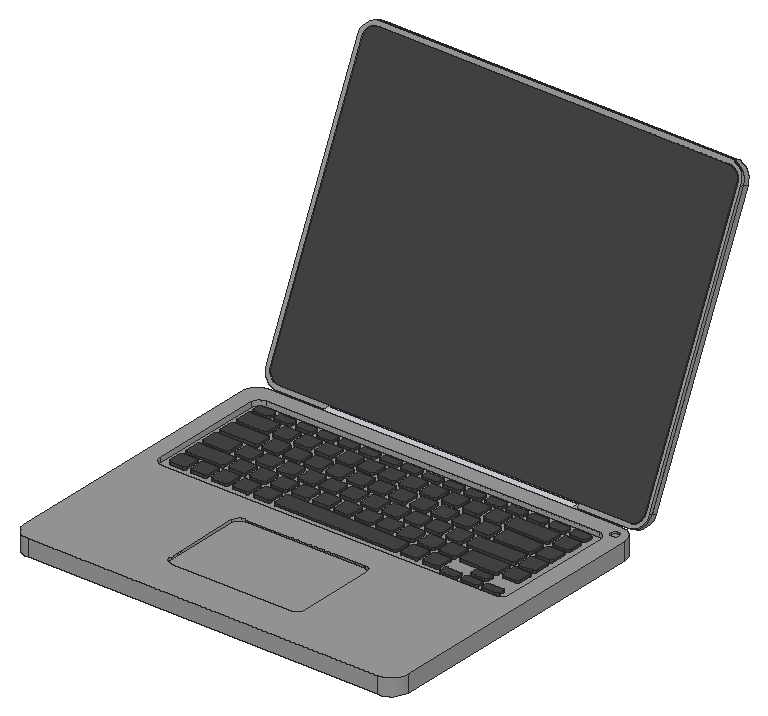
Revit family "MacBook_8440", category Обобщенные модели, Revit 2016
Family settings
  Тип детали = Нормальный
  Может служить основой для арматурных стержней = Нет
  Размер круглого соединителя = Использовать диаметр
  На основе рабочей плоскости = Нет
  Всегда вертикально = Да
  При загрузке вырезать с полостями = Нет
  Общий = Нет
  Точка расчета площади = Нет
Parameters
  Группа модели = "MacBook"
  Изготовитель = "Apple Inc."
  Description = ""
  Creator = "RIgo Orozco"
Reference planes (in)
  plane 1 "Center (Front/Back)": y = 0
  plane 2: z = 0
  plane 3 "Center (Left/Right)": x = 0
Forms (in)
  Extrusion 1, solid, material "Aluminum"
    sketch origin (0, 0, 0) x (1, 0, 0) y (0, 1, 0)
      loop
        line (2.3049, -1.60629) -> (2.3049, 6.39371)
        arc (2.3049, 6.39371) -> (2.15845, 6.74727) -> (1.8049, 6.89371) r 0.5
        line (1.8049, 6.89371) -> (-8.5701, 6.89371)
        arc (-8.5701, 6.89371) -> (-8.92365, 6.74727) -> (-9.0701, 6.39371) r 0.5
        line (-9.0701, 6.39371) -> (-9.0701, -1.60629)
        arc (-9.0701, -1.60629) -> (-8.92365, -1.95984) -> (-8.5701, -2.10629) r 0.5
        line (-8.5701, -2.10629) -> (1.8049, -2.10629)
        arc (1.8049, -2.10629) -> (2.15845, -1.95984) -> (2.3049, -1.60629) r 0.5
    from 0.25793 to 0.75
  Extrusion 2, void
    sketch origin (0, 0.5, 0.6875) x (1, 0, 0) y (0, 1, 0)
      loop
        arc (-5.1951, 1.25352) -> (-5.37188, 1.18029) -> (-5.4451, 1.00352) r 0.25
        line (-5.4451, 1.00352) -> (-5.4451, -1.24648)
        arc (-5.4451, -1.24648) -> (-5.37188, -1.42326) -> (-5.1951, -1.49648) r 0.25
        line (-5.1951, -1.49648) -> (-1.6951, -1.49648)
        arc (-1.6951, -1.49648) -> (-1.51832, -1.42326) -> (-1.4451, -1.24648) r 0.25
        line (-1.4451, -1.24648) -> (-1.4451, 1.00352)
        arc (-1.4451, 1.00352) -> (-1.51832, 1.18029) -> (-1.6951, 1.25352) r 0.25
        line (-1.6951, 1.25352) -> (-5.1951, 1.25352)
    from 0 to 0.5
  Extrusion 3, void
    sketch origin (0, 0, 0.6875) x (1, 0, 0) y (0, 1, 0)
      loop
        arc (-8.3201, 6.39371) -> (-8.49688, 6.32049) -> (-8.5701, 6.14371) r 0.25
        line (-8.5701, 6.14371) -> (-8.5701, 2.76871)
        arc (-8.5701, 2.76871) -> (-8.49688, 2.59194) -> (-8.3201, 2.51871) r 0.25
        line (-8.3201, 2.51871) -> (1.5549, 2.51871)
        arc (1.5549, 2.51871) -> (1.73168, 2.59194) -> (1.8049, 2.76871) r 0.25
        line (1.8049, 2.76871) -> (1.8049, 6.14371)
        arc (1.8049, 6.14371) -> (1.73168, 6.32049) -> (1.5549, 6.39371) r 0.25
        line (1.5549, 6.39371) -> (-8.3201, 6.39371)
    from -0.07748 to 0.0625
  Extrusion 4, solid, material "Black Key"
    sketch origin (-13.375, 0, 0.6875) x (1, 0, 0) y (0, 1, 0)
      loop
        arc (5.11577, 6.14371) -> (5.07273, 6.12589) -> (5.0549, 6.08285) r 0.06086
        line (5.0549, 6.08285) -> (5.0549, 5.93793)
        arc (5.0549, 5.93793) -> (5.07318, 5.8938) -> (5.11732, 5.87552) r 0.06242
        line (5.11732, 5.87552) -> (5.49166, 5.87552)
        arc (5.49166, 5.87552) -> (5.53638, 5.89404) -> (5.5549, 5.93876) r 0.06324
        line (5.5549, 5.93876) -> (5.5549, 6.08251)
        arc (5.5549, 6.08251) -> (5.53698, 6.12579) -> (5.4937, 6.14371) r 0.0612
        line (5.4937, 6.14371) -> (5.11577, 6.14371)
    from 0 to 0.0625
  Extrusion 5, solid, material "Black Key"
    sketch origin (-12.75, 0, 0.6875) x (1, 0, 0) y (0, 1, 0)
      loop
        arc (5.11577, 6.14371) -> (5.07273, 6.12589) -> (5.0549, 6.08285) r 0.06086
        line (5.0549, 6.08285) -> (5.0549, 5.93793)
        arc (5.0549, 5.93793) -> (5.07318, 5.8938) -> (5.11732, 5.87552) r 0.06242
        line (5.11732, 5.87552) -> (5.49166, 5.87552)
        arc (5.49166, 5.87552) -> (5.53638, 5.89404) -> (5.5549, 5.93876) r 0.06324
        line (5.5549, 5.93876) -> (5.5549, 6.08251)
        arc (5.5549, 6.08251) -> (5.53698, 6.12579) -> (5.4937, 6.14371) r 0.0612
        line (5.4937, 6.14371) -> (5.11577, 6.14371)
    from 0 to 0.0625
  Extrusion 6, solid, material "Black Key"
    sketch origin (-12.75, -0.375, 0.6875) x (1, 0, 0) y (0, 1, 0)
      loop
        arc (4.49077, 6.14371) -> (4.44773, 6.12589) -> (4.4299, 6.08285) r 0.06086
        line (4.4299, 6.08285) -> (4.4299, 5.70613)
        arc (4.4299, 5.70613) -> (4.44818, 5.66199) -> (4.49232, 5.64371) r 0.06242
        line (4.49232, 5.64371) -> (5.30457, 5.64371)
        arc (5.30457, 5.64371) -> (5.34929, 5.66223) -> (5.36781, 5.70695) r 0.06324
        line (5.36781, 5.70695) -> (5.36781, 6.08251)
        arc (5.36781, 6.08251) -> (5.34989, 6.12579) -> (5.30661, 6.14371) r 0.0612
        line (5.30661, 6.14371) -> (4.49077, 6.14371)
    from 0 to 0.0625
  Extrusion 7, solid, material "Black Key"
    sketch origin (-13.375, -0.99982, 0.6875) x (1, 0, 0) y (0, 1, 0)
      loop
        arc (5.11577, 6.14371) -> (5.07273, 6.12589) -> (5.0549, 6.08285) r 0.06086
        line (5.0549, 6.08285) -> (5.0549, 5.70613)
        arc (5.0549, 5.70613) -> (5.07318, 5.66199) -> (5.11732, 5.64371) r 0.06242
        line (5.11732, 5.64371) -> (6.11666, 5.64371)
        arc (6.11666, 5.64371) -> (6.16138, 5.66223) -> (6.1799, 5.70695) r 0.06324
        line (6.1799, 5.70695) -> (6.1799, 6.08251)
        arc (6.1799, 6.08251) -> (6.16198, 6.12579) -> (6.1187, 6.14371) r 0.0612
        line (6.1187, 6.14371) -> (5.11577, 6.14371)
    from 0 to 0.0625
  Extrusion 8, solid, material "Black Key"
    sketch origin (-12.75, -1.625, 0.6875) x (1, 0, 0) y (0, 1, 0)
      loop
        arc (4.49077, 6.14371) -> (4.44773, 6.12589) -> (4.4299, 6.08285) r 0.06086
        line (4.4299, 6.08285) -> (4.4299, 5.70613)
        arc (4.4299, 5.70613) -> (4.44818, 5.66199) -> (4.49232, 5.64371) r 0.06242
        line (4.49232, 5.64371) -> (5.17957, 5.64371)
        arc (5.17957, 5.64371) -> (5.22429, 5.66223) -> (5.24281, 5.70695) r 0.06324
        line (5.24281, 5.70695) -> (5.24281, 6.08251)
        arc (5.24281, 6.08251) -> (5.22489, 6.12579) -> (5.18161, 6.14371) r 0.0612
        line (5.18161, 6.14371) -> (4.49077, 6.14371)
    from 0 to 0.0625
  Extrusion 9, solid, material "Black Key"
    sketch origin (-13.375, -2.24982, 0.6875) x (1, 0, 0) y (0, 1, 0)
      loop
        arc (5.11577, 6.14371) -> (5.07273, 6.12589) -> (5.0549, 6.08285) r 0.06086
        line (5.0549, 6.08285) -> (5.0549, 5.70613)
        arc (5.0549, 5.70613) -> (5.07318, 5.66199) -> (5.11732, 5.64371) r 0.06242
        line (5.11732, 5.64371) -> (6.11666, 5.64371)
        arc (6.11666, 5.64371) -> (6.16138, 5.66223) -> (6.1799, 5.70695) r 0.06324
        line (6.1799, 5.70695) -> (6.1799, 6.08251)
        arc (6.1799, 6.08251) -> (6.16198, 6.12579) -> (6.1187, 6.14371) r 0.0612
        line (6.1187, 6.14371) -> (5.11577, 6.14371)
    from 0 to 0.0625
  Extrusion 10, solid, material "Black Key"
    sketch origin (-13.375, -2.87482, 0.6875) x (1, 0, 0) y (0, 1, 0)
      loop
        arc (5.11577, 6.14371) -> (5.07273, 6.12589) -> (5.0549, 6.08285) r 0.06086
        line (5.0549, 6.08285) -> (5.0549, 5.70613)
        arc (5.0549, 5.70613) -> (5.07318, 5.66199) -> (5.11732, 5.64371) r 0.06242
        line (5.11732, 5.64371) -> (5.49166, 5.64371)
        arc (5.49166, 5.64371) -> (5.53638, 5.66223) -> (5.5549, 5.70695) r 0.06324
        line (5.5549, 5.70695) -> (5.5549, 6.08251)
        arc (5.5549, 6.08251) -> (5.53698, 6.12579) -> (5.4937, 6.14371) r 0.0612
        line (5.4937, 6.14371) -> (5.11577, 6.14371)
    from 0 to 0.0625
  Extrusion 11, solid, material "Black Key"
    sketch origin (-12.75, -2.875, 0.6875) x (1, 0, 0) y (0, 1, 0)
      loop
        arc (5.11577, 6.14371) -> (5.07273, 6.12589) -> (5.0549, 6.08285) r 0.06086
        line (5.0549, 6.08285) -> (5.0549, 5.70613)
        arc (5.0549, 5.70613) -> (5.07318, 5.66199) -> (5.11732, 5.64371) r 0.06242
        line (5.11732, 5.64371) -> (5.49166, 5.64371)
        arc (5.49166, 5.64371) -> (5.53638, 5.66223) -> (5.5549, 5.70695) r 0.06324
        line (5.5549, 5.70695) -> (5.5549, 6.08251)
        arc (5.5549, 6.08251) -> (5.53698, 6.12579) -> (5.4937, 6.14371) r 0.0612
        line (5.4937, 6.14371) -> (5.11577, 6.14371)
    from 0 to 0.0625
  Extrusion 12, solid, material "Black Key"
    sketch origin (-12.125, 0, 0.6875) x (1, 0, 0) y (0, 1, 0)
      loop
        arc (5.11577, 6.14371) -> (5.07273, 6.12589) -> (5.0549, 6.08285) r 0.06086
        line (5.0549, 6.08285) -> (5.0549, 5.93793)
        arc (5.0549, 5.93793) -> (5.07318, 5.8938) -> (5.11732, 5.87552) r 0.06242
        line (5.11732, 5.87552) -> (5.49166, 5.87552)
        arc (5.49166, 5.87552) -> (5.53638, 5.89404) -> (5.5549, 5.93876) r 0.06324
        line (5.5549, 5.93876) -> (5.5549, 6.08251)
        arc (5.5549, 6.08251) -> (5.53698, 6.12579) -> (5.4937, 6.14371) r 0.0612
        line (5.4937, 6.14371) -> (5.11577, 6.14371)
    from 0 to 0.0625
  Extrusion 13, solid, material "Black Key"
    sketch origin (-12.3125, -0.375, 0.6875) x (1, 0, 0) y (0, 1, 0)
      loop
        arc (5.11577, 6.14371) -> (5.07273, 6.12589) -> (5.0549, 6.08285) r 0.06086
        line (5.0549, 6.08285) -> (5.0549, 5.70613)
        arc (5.0549, 5.70613) -> (5.07318, 5.66199) -> (5.11732, 5.64371) r 0.06242
        line (5.11732, 5.64371) -> (5.49166, 5.64371)
        arc (5.49166, 5.64371) -> (5.53638, 5.66223) -> (5.5549, 5.70695) r 0.06324
        line (5.5549, 5.70695) -> (5.5549, 6.08251)
        arc (5.5549, 6.08251) -> (5.53698, 6.12579) -> (5.4937, 6.14371) r 0.0612
        line (5.4937, 6.14371) -> (5.11577, 6.14371)
    from 0 to 0.0625
  Extrusion 14, solid, material "Black Key"
    sketch origin (-12.125, -1, 0.6875) x (1, 0, 0) y (0, 1, 0)
      loop
        arc (5.11577, 6.14371) -> (5.07273, 6.12589) -> (5.0549, 6.08285) r 0.06086
        line (5.0549, 6.08285) -> (5.0549, 5.70613)
        arc (5.0549, 5.70613) -> (5.07318, 5.66199) -> (5.11732, 5.64371) r 0.06242
        line (5.11732, 5.64371) -> (5.49166, 5.64371)
        arc (5.49166, 5.64371) -> (5.53638, 5.66223) -> (5.5549, 5.70695) r 0.06324
        line (5.5549, 5.70695) -> (5.5549, 6.08251)
        arc (5.5549, 6.08251) -> (5.53698, 6.12579) -> (5.4937, 6.14371) r 0.0612
        line (5.4937, 6.14371) -> (5.11577, 6.14371)
    from 0 to 0.0625
  Extrusion 15, solid, material "Black Key"
    sketch origin (-12.125, -2.25, 0.6875) x (1, 0, 0) y (0, 1, 0)
      loop
        arc (5.11577, 6.14371) -> (5.07273, 6.12589) -> (5.0549, 6.08285) r 0.06086
        line (5.0549, 6.08285) -> (5.0549, 5.70613)
        arc (5.0549, 5.70613) -> (5.07318, 5.66199) -> (5.11732, 5.64371) r 0.06242
        line (5.11732, 5.64371) -> (5.49166, 5.64371)
        arc (5.49166, 5.64371) -> (5.53638, 5.66223) -> (5.5549, 5.70695) r 0.06324
        line (5.5549, 5.70695) -> (5.5549, 6.08251)
        arc (5.5549, 6.08251) -> (5.53698, 6.12579) -> (5.4937, 6.14371) r 0.0612
        line (5.4937, 6.14371) -> (5.11577, 6.14371)
    from 0 to 0.0625
  Extrusion 16, solid, material "Black Key"
    sketch origin (-12.125, -2.875, 0.6875) x (1, 0, 0) y (0, 1, 0)
      loop
        arc (5.11577, 6.14371) -> (5.07273, 6.12589) -> (5.0549, 6.08285) r 0.06086
        line (5.0549, 6.08285) -> (5.0549, 5.70613)
        arc (5.0549, 5.70613) -> (5.07318, 5.66199) -> (5.11732, 5.64371) r 0.06242
        line (5.11732, 5.64371) -> (5.49166, 5.64371)
        arc (5.49166, 5.64371) -> (5.53638, 5.66223) -> (5.5549, 5.70695) r 0.06324
        line (5.5549, 5.70695) -> (5.5549, 6.08251)
        arc (5.5549, 6.08251) -> (5.53698, 6.12579) -> (5.4937, 6.14371) r 0.0612
        line (5.4937, 6.14371) -> (5.11577, 6.14371)
    from 0 to 0.0625
  Extrusion 17, solid, material "Black Key"
    sketch origin (-11.5, 0, 0.6875) x (1, 0, 0) y (0, 1, 0)
      loop
        arc (5.11577, 6.14371) -> (5.07273, 6.12589) -> (5.0549, 6.08285) r 0.06086
        line (5.0549, 6.08285) -> (5.0549, 5.93793)
        arc (5.0549, 5.93793) -> (5.07318, 5.8938) -> (5.11732, 5.87552) r 0.06242
        line (5.11732, 5.87552) -> (5.49166, 5.87552)
        arc (5.49166, 5.87552) -> (5.53638, 5.89404) -> (5.5549, 5.93876) r 0.06324
        line (5.5549, 5.93876) -> (5.5549, 6.08251)
        arc (5.5549, 6.08251) -> (5.53698, 6.12579) -> (5.4937, 6.14371) r 0.0612
        line (5.4937, 6.14371) -> (5.11577, 6.14371)
    from 0 to 0.0625
  Extrusion 18, solid, material "Black Key"
    sketch origin (-11.6875, -0.375, 0.6875) x (1, 0, 0) y (0, 1, 0)
      loop
        arc (5.11577, 6.14371) -> (5.07273, 6.12589) -> (5.0549, 6.08285) r 0.06086
        line (5.0549, 6.08285) -> (5.0549, 5.70613)
        arc (5.0549, 5.70613) -> (5.07318, 5.66199) -> (5.11732, 5.64371) r 0.06242
        line (5.11732, 5.64371) -> (5.49166, 5.64371)
        arc (5.49166, 5.64371) -> (5.53638, 5.66223) -> (5.5549, 5.70695) r 0.06324
        line (5.5549, 5.70695) -> (5.5549, 6.08251)
        arc (5.5549, 6.08251) -> (5.53698, 6.12579) -> (5.4937, 6.14371) r 0.0612
        line (5.4937, 6.14371) -> (5.11577, 6.14371)
    from 0 to 0.0625
  Extrusion 19, solid, material "Black Key"
    sketch origin (-11.5, -1, 0.6875) x (1, 0, 0) y (0, 1, 0)
      loop
        arc (5.11577, 6.14371) -> (5.07273, 6.12589) -> (5.0549, 6.08285) r 0.06086
        line (5.0549, 6.08285) -> (5.0549, 5.70613)
        arc (5.0549, 5.70613) -> (5.07318, 5.66199) -> (5.11732, 5.64371) r 0.06242
        line (5.11732, 5.64371) -> (5.49166, 5.64371)
        arc (5.49166, 5.64371) -> (5.53638, 5.66223) -> (5.5549, 5.70695) r 0.06324
        line (5.5549, 5.70695) -> (5.5549, 6.08251)
        arc (5.5549, 6.08251) -> (5.53698, 6.12579) -> (5.4937, 6.14371) r 0.0612
        line (5.4937, 6.14371) -> (5.11577, 6.14371)
    from 0 to 0.0625
  Extrusion 20, solid, material "Black Key"
    sketch origin (-11.5, -2.25, 0.6875) x (1, 0, 0) y (0, 1, 0)
      loop
        arc (5.11577, 6.14371) -> (5.07273, 6.12589) -> (5.0549, 6.08285) r 0.06086
        line (5.0549, 6.08285) -> (5.0549, 5.70613)
        arc (5.0549, 5.70613) -> (5.07318, 5.66199) -> (5.11732, 5.64371) r 0.06242
        line (5.11732, 5.64371) -> (5.49166, 5.64371)
        arc (5.49166, 5.64371) -> (5.53638, 5.66223) -> (5.5549, 5.70695) r 0.06324
        line (5.5549, 5.70695) -> (5.5549, 6.08251)
        arc (5.5549, 6.08251) -> (5.53698, 6.12579) -> (5.4937, 6.14371) r 0.0612
        line (5.4937, 6.14371) -> (5.11577, 6.14371)
    from 0 to 0.0625
  Extrusion 21, solid, material "Black Key"
    sketch origin (-11.5, -2.875, 0.6875) x (1, 0, 0) y (0, 1, 0)
      loop
        arc (5.11577, 6.14371) -> (5.07273, 6.12589) -> (5.0549, 6.08285) r 0.06086
        line (5.0549, 6.08285) -> (5.0549, 5.70613)
        arc (5.0549, 5.70613) -> (5.07318, 5.66199) -> (5.11732, 5.64371) r 0.06242
        line (5.11732, 5.64371) -> (5.49166, 5.64371)
        arc (5.49166, 5.64371) -> (5.53638, 5.66223) -> (5.5549, 5.70695) r 0.06324
        line (5.5549, 5.70695) -> (5.5549, 6.08251)
        arc (5.5549, 6.08251) -> (5.53698, 6.12579) -> (5.4937, 6.14371) r 0.0612
        line (5.4937, 6.14371) -> (5.11577, 6.14371)
    from 0 to 0.0625
  Extrusion 22, solid, material "Black Key"
    sketch origin (-10.875, 0, 0.6875) x (1, 0, 0) y (0, 1, 0)
      loop
        arc (5.11577, 6.14371) -> (5.07273, 6.12589) -> (5.0549, 6.08285) r 0.06086
        line (5.0549, 6.08285) -> (5.0549, 5.93793)
        arc (5.0549, 5.93793) -> (5.07318, 5.8938) -> (5.11732, 5.87552) r 0.06242
        line (5.11732, 5.87552) -> (5.49166, 5.87552)
        arc (5.49166, 5.87552) -> (5.53638, 5.89404) -> (5.5549, 5.93876) r 0.06324
        line (5.5549, 5.93876) -> (5.5549, 6.08251)
        arc (5.5549, 6.08251) -> (5.53698, 6.12579) -> (5.4937, 6.14371) r 0.0612
        line (5.4937, 6.14371) -> (5.11577, 6.14371)
    from 0 to 0.0625
  Extrusion 23, solid, material "Black Key"
    sketch origin (-11.0625, -0.375, 0.6875) x (1, 0, 0) y (0, 1, 0)
      loop
        arc (5.11577, 6.14371) -> (5.07273, 6.12589) -> (5.0549, 6.08285) r 0.06086
        line (5.0549, 6.08285) -> (5.0549, 5.70613)
        arc (5.0549, 5.70613) -> (5.07318, 5.66199) -> (5.11732, 5.64371) r 0.06242
        line (5.11732, 5.64371) -> (5.49166, 5.64371)
        arc (5.49166, 5.64371) -> (5.53638, 5.66223) -> (5.5549, 5.70695) r 0.06324
        line (5.5549, 5.70695) -> (5.5549, 6.08251)
        arc (5.5549, 6.08251) -> (5.53698, 6.12579) -> (5.4937, 6.14371) r 0.0612
        line (5.4937, 6.14371) -> (5.11577, 6.14371)
    from 0 to 0.0625
  Extrusion 24, solid, material "Black Key"
    sketch origin (-10.875, -1, 0.6875) x (1, 0, 0) y (0, 1, 0)
      loop
        arc (5.11577, 6.14371) -> (5.07273, 6.12589) -> (5.0549, 6.08285) r 0.06086
        line (5.0549, 6.08285) -> (5.0549, 5.70613)
        arc (5.0549, 5.70613) -> (5.07318, 5.66199) -> (5.11732, 5.64371) r 0.06242
        line (5.11732, 5.64371) -> (5.49166, 5.64371)
        arc (5.49166, 5.64371) -> (5.53638, 5.66223) -> (5.5549, 5.70695) r 0.06324
        line (5.5549, 5.70695) -> (5.5549, 6.08251)
        arc (5.5549, 6.08251) -> (5.53698, 6.12579) -> (5.4937, 6.14371) r 0.0612
        line (5.4937, 6.14371) -> (5.11577, 6.14371)
    from 0 to 0.0625
  Extrusion 25, solid, material "Black Key"
    sketch origin (-10.875, -2.25, 0.6875) x (1, 0, 0) y (0, 1, 0)
      loop
        arc (5.11577, 6.14371) -> (5.07273, 6.12589) -> (5.0549, 6.08285) r 0.06086
        line (5.0549, 6.08285) -> (5.0549, 5.70613)
        arc (5.0549, 5.70613) -> (5.07318, 5.66199) -> (5.11732, 5.64371) r 0.06242
        line (5.11732, 5.64371) -> (5.49166, 5.64371)
        arc (5.49166, 5.64371) -> (5.53638, 5.66223) -> (5.5549, 5.70695) r 0.06324
        line (5.5549, 5.70695) -> (5.5549, 6.08251)
        arc (5.5549, 6.08251) -> (5.53698, 6.12579) -> (5.4937, 6.14371) r 0.0612
        line (5.4937, 6.14371) -> (5.11577, 6.14371)
    from 0 to 0.0625
  Extrusion 26, solid, material "Black Key"
    sketch origin (-10.875, -2.875, 0.6875) x (1, 0, 0) y (0, 1, 0)
      loop
        arc (5.11577, 6.14371) -> (5.07273, 6.12589) -> (5.0549, 6.08285) r 0.06086
        line (5.0549, 6.08285) -> (5.0549, 5.70613)
        arc (5.0549, 5.70613) -> (5.07318, 5.66199) -> (5.11732, 5.64371) r 0.06242
        line (5.11732, 5.64371) -> (5.49166, 5.64371)
        arc (5.49166, 5.64371) -> (5.53638, 5.66223) -> (5.5549, 5.70695) r 0.06324
        line (5.5549, 5.70695) -> (5.5549, 6.08251)
        arc (5.5549, 6.08251) -> (5.53698, 6.12579) -> (5.4937, 6.14371) r 0.0612
        line (5.4937, 6.14371) -> (5.11577, 6.14371)
    from 0 to 0.0625
  Extrusion 27, solid, material "Black Key"
    sketch origin (-10.25, 0, 0.6875) x (1, 0, 0) y (0, 1, 0)
      loop
        arc (5.11577, 6.14371) -> (5.07273, 6.12589) -> (5.0549, 6.08285) r 0.06086
        line (5.0549, 6.08285) -> (5.0549, 5.93793)
        arc (5.0549, 5.93793) -> (5.07318, 5.8938) -> (5.11732, 5.87552) r 0.06242
        line (5.11732, 5.87552) -> (5.49166, 5.87552)
        arc (5.49166, 5.87552) -> (5.53638, 5.89404) -> (5.5549, 5.93876) r 0.06324
        line (5.5549, 5.93876) -> (5.5549, 6.08251)
        arc (5.5549, 6.08251) -> (5.53698, 6.12579) -> (5.4937, 6.14371) r 0.0612
        line (5.4937, 6.14371) -> (5.11577, 6.14371)
    from 0 to 0.0625
  Extrusion 28, solid, material "Black Key"
    sketch origin (-10.4375, -0.375, 0.6875) x (1, 0, 0) y (0, 1, 0)
      loop
        arc (5.11577, 6.14371) -> (5.07273, 6.12589) -> (5.0549, 6.08285) r 0.06086
        line (5.0549, 6.08285) -> (5.0549, 5.70613)
        arc (5.0549, 5.70613) -> (5.07318, 5.66199) -> (5.11732, 5.64371) r 0.06242
        line (5.11732, 5.64371) -> (5.49166, 5.64371)
        arc (5.49166, 5.64371) -> (5.53638, 5.66223) -> (5.5549, 5.70695) r 0.06324
        line (5.5549, 5.70695) -> (5.5549, 6.08251)
        arc (5.5549, 6.08251) -> (5.53698, 6.12579) -> (5.4937, 6.14371) r 0.0612
        line (5.4937, 6.14371) -> (5.11577, 6.14371)
    from 0 to 0.0625
  Extrusion 29, solid, material "Black Key"
    sketch origin (-10.25, -1, 0.6875) x (1, 0, 0) y (0, 1, 0)
      loop
        arc (5.11577, 6.14371) -> (5.07273, 6.12589) -> (5.0549, 6.08285) r 0.06086
        line (5.0549, 6.08285) -> (5.0549, 5.70613)
        arc (5.0549, 5.70613) -> (5.07318, 5.66199) -> (5.11732, 5.64371) r 0.06242
        line (5.11732, 5.64371) -> (5.49166, 5.64371)
        arc (5.49166, 5.64371) -> (5.53638, 5.66223) -> (5.5549, 5.70695) r 0.06324
        line (5.5549, 5.70695) -> (5.5549, 6.08251)
        arc (5.5549, 6.08251) -> (5.53698, 6.12579) -> (5.4937, 6.14371) r 0.0612
        line (5.4937, 6.14371) -> (5.11577, 6.14371)
    from 0 to 0.0625
  Extrusion 30, solid, material "Black Key"
    sketch origin (-9.93709, -1.625, 0.6875) x (1, 0, 0) y (0, 1, 0)
      loop
        arc (5.11577, 6.14371) -> (5.07273, 6.12589) -> (5.0549, 6.08285) r 0.06086
        line (5.0549, 6.08285) -> (5.0549, 5.70613)
        arc (5.0549, 5.70613) -> (5.07318, 5.66199) -> (5.11732, 5.64371) r 0.06242
        line (5.11732, 5.64371) -> (5.49166, 5.64371)
        arc (5.49166, 5.64371) -> (5.53638, 5.66223) -> (5.5549, 5.70695) r 0.06324
        line (5.5549, 5.70695) -> (5.5549, 6.08251)
        arc (5.5549, 6.08251) -> (5.53698, 6.12579) -> (5.4937, 6.14371) r 0.0612
        line (5.4937, 6.14371) -> (5.11577, 6.14371)
    from 0 to 0.0625
  Extrusion 31, solid, material "Black Key"
    sketch origin (-10.25, -2.25, 0.6875) x (1, 0, 0) y (0, 1, 0)
      loop
        arc (5.11577, 6.14371) -> (5.07273, 6.12589) -> (5.0549, 6.08285) r 0.06086
        line (5.0549, 6.08285) -> (5.0549, 5.70613)
        arc (5.0549, 5.70613) -> (5.07318, 5.66199) -> (5.11732, 5.64371) r 0.06242
        line (5.11732, 5.64371) -> (5.49166, 5.64371)
        arc (5.49166, 5.64371) -> (5.53638, 5.66223) -> (5.5549, 5.70695) r 0.06324
        line (5.5549, 5.70695) -> (5.5549, 6.08251)
        arc (5.5549, 6.08251) -> (5.53698, 6.12579) -> (5.4937, 6.14371) r 0.0612
        line (5.4937, 6.14371) -> (5.11577, 6.14371)
    from 0 to 0.0625
  Extrusion 32, solid, material "Black Key"
    sketch origin (-10.25, -2.875, 0.6875) x (1, 0, 0) y (0, 1, 0)
      loop
        arc (5.11577, 6.14371) -> (5.07273, 6.12589) -> (5.0549, 6.08285) r 0.06086
        line (5.0549, 6.08285) -> (5.0549, 5.70613)
        arc (5.0549, 5.70613) -> (5.07318, 5.66199) -> (5.11732, 5.64371) r 0.06242
        line (5.11732, 5.64371) -> (8.61666, 5.64371)
        arc (8.61666, 5.64371) -> (8.66138, 5.66223) -> (8.6799, 5.70695) r 0.06324
        line (8.6799, 5.70695) -> (8.6799, 6.08251)
        arc (8.6799, 6.08251) -> (8.66198, 6.12579) -> (8.6187, 6.14371) r 0.0612
        line (8.6187, 6.14371) -> (5.11577, 6.14371)
    from 0 to 0.0625
  Extrusion 33, solid, material "Black Key"
    sketch origin (-9.625, 0, 0.6875) x (1, 0, 0) y (0, 1, 0)
      loop
        arc (5.11577, 6.14371) -> (5.07273, 6.12589) -> (5.0549, 6.08285) r 0.06086
        line (5.0549, 6.08285) -> (5.0549, 5.93793)
        arc (5.0549, 5.93793) -> (5.07318, 5.8938) -> (5.11732, 5.87552) r 0.06242
        line (5.11732, 5.87552) -> (5.49166, 5.87552)
        arc (5.49166, 5.87552) -> (5.53638, 5.89404) -> (5.5549, 5.93876) r 0.06324
        line (5.5549, 5.93876) -> (5.5549, 6.08251)
        arc (5.5549, 6.08251) -> (5.53698, 6.12579) -> (5.4937, 6.14371) r 0.0612
        line (5.4937, 6.14371) -> (5.11577, 6.14371)
    from 0 to 0.0625
  Extrusion 34, solid, material "Black Key"
    sketch origin (-9.8125, -0.375, 0.6875) x (1, 0, 0) y (0, 1, 0)
      loop
        arc (5.11577, 6.14371) -> (5.07273, 6.12589) -> (5.0549, 6.08285) r 0.06086
        line (5.0549, 6.08285) -> (5.0549, 5.70613)
        arc (5.0549, 5.70613) -> (5.07318, 5.66199) -> (5.11732, 5.64371) r 0.06242
        line (5.11732, 5.64371) -> (5.49166, 5.64371)
        arc (5.49166, 5.64371) -> (5.53638, 5.66223) -> (5.5549, 5.70695) r 0.06324
        line (5.5549, 5.70695) -> (5.5549, 6.08251)
        arc (5.5549, 6.08251) -> (5.53698, 6.12579) -> (5.4937, 6.14371) r 0.0612
        line (5.4937, 6.14371) -> (5.11577, 6.14371)
    from 0 to 0.0625
  Extrusion 35, solid, material "Black Key"
    sketch origin (-9.625, -1, 0.6875) x (1, 0, 0) y (0, 1, 0)
      loop
        arc (5.11577, 6.14371) -> (5.07273, 6.12589) -> (5.0549, 6.08285) r 0.06086
        line (5.0549, 6.08285) -> (5.0549, 5.70613)
        arc (5.0549, 5.70613) -> (5.07318, 5.66199) -> (5.11732, 5.64371) r 0.06242
        line (5.11732, 5.64371) -> (5.49166, 5.64371)
        arc (5.49166, 5.64371) -> (5.53638, 5.66223) -> (5.5549, 5.70695) r 0.06324
        line (5.5549, 5.70695) -> (5.5549, 6.08251)
        arc (5.5549, 6.08251) -> (5.53698, 6.12579) -> (5.4937, 6.14371) r 0.0612
        line (5.4937, 6.14371) -> (5.11577, 6.14371)
    from 0 to 0.0625
  Extrusion 36, solid, material "Black Key"
    sketch origin (-9.625, -2.25, 0.6875) x (1, 0, 0) y (0, 1, 0)
      loop
        arc (5.11577, 6.14371) -> (5.07273, 6.12589) -> (5.0549, 6.08285) r 0.06086
        line (5.0549, 6.08285) -> (5.0549, 5.70613)
        arc (5.0549, 5.70613) -> (5.07318, 5.66199) -> (5.11732, 5.64371) r 0.06242
        line (5.11732, 5.64371) -> (5.49166, 5.64371)
        arc (5.49166, 5.64371) -> (5.53638, 5.66223) -> (5.5549, 5.70695) r 0.06324
        line (5.5549, 5.70695) -> (5.5549, 6.08251)
        arc (5.5549, 6.08251) -> (5.53698, 6.12579) -> (5.4937, 6.14371) r 0.0612
        line (5.4937, 6.14371) -> (5.11577, 6.14371)
    from 0 to 0.0625
  Extrusion 37, solid, material "Black Key"
    sketch origin (-9, 0, 0.6875) x (1, 0, 0) y (0, 1, 0)
      loop
        arc (5.11577, 6.14371) -> (5.07273, 6.12589) -> (5.0549, 6.08285) r 0.06086
        line (5.0549, 6.08285) -> (5.0549, 5.93793)
        arc (5.0549, 5.93793) -> (5.07318, 5.8938) -> (5.11732, 5.87552) r 0.06242
        line (5.11732, 5.87552) -> (5.49166, 5.87552)
        arc (5.49166, 5.87552) -> (5.53638, 5.89404) -> (5.5549, 5.93876) r 0.06324
        line (5.5549, 5.93876) -> (5.5549, 6.08251)
        arc (5.5549, 6.08251) -> (5.53698, 6.12579) -> (5.4937, 6.14371) r 0.0612
        line (5.4937, 6.14371) -> (5.11577, 6.14371)
    from 0 to 0.0625
  Extrusion 38, solid, material "Black Key"
    sketch origin (-9.1875, -0.375, 0.6875) x (1, 0, 0) y (0, 1, 0)
      loop
        arc (5.11577, 6.14371) -> (5.07273, 6.12589) -> (5.0549, 6.08285) r 0.06086
        line (5.0549, 6.08285) -> (5.0549, 5.70613)
        arc (5.0549, 5.70613) -> (5.07318, 5.66199) -> (5.11732, 5.64371) r 0.06242
        line (5.11732, 5.64371) -> (5.49166, 5.64371)
        arc (5.49166, 5.64371) -> (5.53638, 5.66223) -> (5.5549, 5.70695) r 0.06324
        line (5.5549, 5.70695) -> (5.5549, 6.08251)
        arc (5.5549, 6.08251) -> (5.53698, 6.12579) -> (5.4937, 6.14371) r 0.0612
        line (5.4937, 6.14371) -> (5.11577, 6.14371)
    from 0 to 0.0625
  Extrusion 39, solid, material "Black Key"
    sketch origin (-9, -1, 0.6875) x (1, 0, 0) y (0, 1, 0)
      loop
        arc (5.11577, 6.14371) -> (5.07273, 6.12589) -> (5.0549, 6.08285) r 0.06086
        line (5.0549, 6.08285) -> (5.0549, 5.70613)
        arc (5.0549, 5.70613) -> (5.07318, 5.66199) -> (5.11732, 5.64371) r 0.06242
        line (5.11732, 5.64371) -> (5.49166, 5.64371)
        arc (5.49166, 5.64371) -> (5.53638, 5.66223) -> (5.5549, 5.70695) r 0.06324
        line (5.5549, 5.70695) -> (5.5549, 6.08251)
        arc (5.5549, 6.08251) -> (5.53698, 6.12579) -> (5.4937, 6.14371) r 0.0612
        line (5.4937, 6.14371) -> (5.11577, 6.14371)
    from 0 to 0.0625
  Extrusion 40, solid, material "Black Key"
    sketch origin (-9, -2.25, 0.6875) x (1, 0, 0) y (0, 1, 0)
      loop
        arc (5.11577, 6.14371) -> (5.07273, 6.12589) -> (5.0549, 6.08285) r 0.06086
        line (5.0549, 6.08285) -> (5.0549, 5.70613)
        arc (5.0549, 5.70613) -> (5.07318, 5.66199) -> (5.11732, 5.64371) r 0.06242
        line (5.11732, 5.64371) -> (5.49166, 5.64371)
        arc (5.49166, 5.64371) -> (5.53638, 5.66223) -> (5.5549, 5.70695) r 0.06324
        line (5.5549, 5.70695) -> (5.5549, 6.08251)
        arc (5.5549, 6.08251) -> (5.53698, 6.12579) -> (5.4937, 6.14371) r 0.0612
        line (5.4937, 6.14371) -> (5.11577, 6.14371)
    from 0 to 0.0625
  Extrusion 41, solid, material "Black Key"
    sketch origin (-8.375, 0, 0.6875) x (1, 0, 0) y (0, 1, 0)
      loop
        arc (5.11577, 6.14371) -> (5.07273, 6.12589) -> (5.0549, 6.08285) r 0.06086
        line (5.0549, 6.08285) -> (5.0549, 5.93793)
        arc (5.0549, 5.93793) -> (5.07318, 5.8938) -> (5.11732, 5.87552) r 0.06242
        line (5.11732, 5.87552) -> (5.49166, 5.87552)
        arc (5.49166, 5.87552) -> (5.53638, 5.89404) -> (5.5549, 5.93876) r 0.06324
        line (5.5549, 5.93876) -> (5.5549, 6.08251)
        arc (5.5549, 6.08251) -> (5.53698, 6.12579) -> (5.4937, 6.14371) r 0.0612
        line (5.4937, 6.14371) -> (5.11577, 6.14371)
    from 0 to 0.0625
  Extrusion 42, solid, material "Black Key"
    sketch origin (-8.5625, -0.375, 0.6875) x (1, 0, 0) y (0, 1, 0)
      loop
        arc (5.11577, 6.14371) -> (5.07273, 6.12589) -> (5.0549, 6.08285) r 0.06086
        line (5.0549, 6.08285) -> (5.0549, 5.70613)
        arc (5.0549, 5.70613) -> (5.07318, 5.66199) -> (5.11732, 5.64371) r 0.06242
        line (5.11732, 5.64371) -> (5.49166, 5.64371)
        arc (5.49166, 5.64371) -> (5.53638, 5.66223) -> (5.5549, 5.70695) r 0.06324
        line (5.5549, 5.70695) -> (5.5549, 6.08251)
        arc (5.5549, 6.08251) -> (5.53698, 6.12579) -> (5.4937, 6.14371) r 0.0612
        line (5.4937, 6.14371) -> (5.11577, 6.14371)
    from 0 to 0.0625
  Extrusion 43, solid, material "Black Key"
    sketch origin (-8.375, -1, 0.6875) x (1, 0, 0) y (0, 1, 0)
      loop
        arc (5.11577, 6.14371) -> (5.07273, 6.12589) -> (5.0549, 6.08285) r 0.06086
        line (5.0549, 6.08285) -> (5.0549, 5.70613)
        arc (5.0549, 5.70613) -> (5.07318, 5.66199) -> (5.11732, 5.64371) r 0.06242
        line (5.11732, 5.64371) -> (5.49166, 5.64371)
        arc (5.49166, 5.64371) -> (5.53638, 5.66223) -> (5.5549, 5.70695) r 0.06324
        line (5.5549, 5.70695) -> (5.5549, 6.08251)
        arc (5.5549, 6.08251) -> (5.53698, 6.12579) -> (5.4937, 6.14371) r 0.0612
        line (5.4937, 6.14371) -> (5.11577, 6.14371)
    from 0 to 0.0625
  Extrusion 44, solid, material "Black Key"
    sketch origin (-8.375, -2.25, 0.6875) x (1, 0, 0) y (0, 1, 0)
      loop
        arc (5.11577, 6.14371) -> (5.07273, 6.12589) -> (5.0549, 6.08285) r 0.06086
        line (5.0549, 6.08285) -> (5.0549, 5.70613)
        arc (5.0549, 5.70613) -> (5.07318, 5.66199) -> (5.11732, 5.64371) r 0.06242
        line (5.11732, 5.64371) -> (5.49166, 5.64371)
        arc (5.49166, 5.64371) -> (5.53638, 5.66223) -> (5.5549, 5.70695) r 0.06324
        line (5.5549, 5.70695) -> (5.5549, 6.08251)
        arc (5.5549, 6.08251) -> (5.53698, 6.12579) -> (5.4937, 6.14371) r 0.0612
        line (5.4937, 6.14371) -> (5.11577, 6.14371)
    from 0 to 0.0625
  Extrusion 45, solid, material "Black Key"
    sketch origin (-7.75, 0, 0.6875) x (1, 0, 0) y (0, 1, 0)
      loop
        arc (5.11577, 6.14371) -> (5.07273, 6.12589) -> (5.0549, 6.08285) r 0.06086
        line (5.0549, 6.08285) -> (5.0549, 5.93793)
        arc (5.0549, 5.93793) -> (5.07318, 5.8938) -> (5.11732, 5.87552) r 0.06242
        line (5.11732, 5.87552) -> (5.49166, 5.87552)
        arc (5.49166, 5.87552) -> (5.53638, 5.89404) -> (5.5549, 5.93876) r 0.06324
        line (5.5549, 5.93876) -> (5.5549, 6.08251)
        arc (5.5549, 6.08251) -> (5.53698, 6.12579) -> (5.4937, 6.14371) r 0.0612
        line (5.4937, 6.14371) -> (5.11577, 6.14371)
    from 0 to 0.0625
  Extrusion 46, solid, material "Black Key"
    sketch origin (-7.9375, -0.375, 0.6875) x (1, 0, 0) y (0, 1, 0)
      loop
        arc (5.11577, 6.14371) -> (5.07273, 6.12589) -> (5.0549, 6.08285) r 0.06086
        line (5.0549, 6.08285) -> (5.0549, 5.70613)
        arc (5.0549, 5.70613) -> (5.07318, 5.66199) -> (5.11732, 5.64371) r 0.06242
        line (5.11732, 5.64371) -> (5.49166, 5.64371)
        arc (5.49166, 5.64371) -> (5.53638, 5.66223) -> (5.5549, 5.70695) r 0.06324
        line (5.5549, 5.70695) -> (5.5549, 6.08251)
        arc (5.5549, 6.08251) -> (5.53698, 6.12579) -> (5.4937, 6.14371) r 0.0612
        line (5.4937, 6.14371) -> (5.11577, 6.14371)
    from 0 to 0.0625
  Extrusion 47, solid, material "Black Key"
    sketch origin (-7.75, -1, 0.6875) x (1, 0, 0) y (0, 1, 0)
      loop
        arc (5.11577, 6.14371) -> (5.07273, 6.12589) -> (5.0549, 6.08285) r 0.06086
        line (5.0549, 6.08285) -> (5.0549, 5.70613)
        arc (5.0549, 5.70613) -> (5.07318, 5.66199) -> (5.11732, 5.64371) r 0.06242
        line (5.11732, 5.64371) -> (5.49166, 5.64371)
        arc (5.49166, 5.64371) -> (5.53638, 5.66223) -> (5.5549, 5.70695) r 0.06324
        line (5.5549, 5.70695) -> (5.5549, 6.08251)
        arc (5.5549, 6.08251) -> (5.53698, 6.12579) -> (5.4937, 6.14371) r 0.0612
        line (5.4937, 6.14371) -> (5.11577, 6.14371)
    from 0 to 0.0625
  Extrusion 48, solid, material "Black Key"
    sketch origin (-7.75, -2.25, 0.6875) x (1, 0, 0) y (0, 1, 0)
      loop
        arc (5.11577, 6.14371) -> (5.07273, 6.12589) -> (5.0549, 6.08285) r 0.06086
        line (5.0549, 6.08285) -> (5.0549, 5.70613)
        arc (5.0549, 5.70613) -> (5.07318, 5.66199) -> (5.11732, 5.64371) r 0.06242
        line (5.11732, 5.64371) -> (5.49166, 5.64371)
        arc (5.49166, 5.64371) -> (5.53638, 5.66223) -> (5.5549, 5.70695) r 0.06324
        line (5.5549, 5.70695) -> (5.5549, 6.08251)
        arc (5.5549, 6.08251) -> (5.53698, 6.12579) -> (5.4937, 6.14371) r 0.0612
        line (5.4937, 6.14371) -> (5.11577, 6.14371)
    from 0 to 0.0625
  Extrusion 49, solid, material "Black Key"
    sketch origin (-7.125, 0, 0.6875) x (1, 0, 0) y (0, 1, 0)
      loop
        arc (5.11577, 6.14371) -> (5.07273, 6.12589) -> (5.0549, 6.08285) r 0.06086
        line (5.0549, 6.08285) -> (5.0549, 5.93793)
        arc (5.0549, 5.93793) -> (5.07318, 5.8938) -> (5.11732, 5.87552) r 0.06242
        line (5.11732, 5.87552) -> (5.49166, 5.87552)
        arc (5.49166, 5.87552) -> (5.53638, 5.89404) -> (5.5549, 5.93876) r 0.06324
        line (5.5549, 5.93876) -> (5.5549, 6.08251)
        arc (5.5549, 6.08251) -> (5.53698, 6.12579) -> (5.4937, 6.14371) r 0.0612
        line (5.4937, 6.14371) -> (5.11577, 6.14371)
    from 0 to 0.0625
  Extrusion 50, solid, material "Black Key"
    sketch origin (-7.3125, -0.375, 0.6875) x (1, 0, 0) y (0, 1, 0)
      loop
        arc (5.11577, 6.14371) -> (5.07273, 6.12589) -> (5.0549, 6.08285) r 0.06086
        line (5.0549, 6.08285) -> (5.0549, 5.70613)
        arc (5.0549, 5.70613) -> (5.07318, 5.66199) -> (5.11732, 5.64371) r 0.06242
        line (5.11732, 5.64371) -> (5.49166, 5.64371)
        arc (5.49166, 5.64371) -> (5.53638, 5.66223) -> (5.5549, 5.70695) r 0.06324
        line (5.5549, 5.70695) -> (5.5549, 6.08251)
        arc (5.5549, 6.08251) -> (5.53698, 6.12579) -> (5.4937, 6.14371) r 0.0612
        line (5.4937, 6.14371) -> (5.11577, 6.14371)
    from 0 to 0.0625
  Extrusion 51, solid, material "Black Key"
    sketch origin (-7.125, -1, 0.6875) x (1, 0, 0) y (0, 1, 0)
      loop
        arc (5.11577, 6.14371) -> (5.07273, 6.12589) -> (5.0549, 6.08285) r 0.06086
        line (5.0549, 6.08285) -> (5.0549, 5.70613)
        arc (5.0549, 5.70613) -> (5.07318, 5.66199) -> (5.11732, 5.64371) r 0.06242
        line (5.11732, 5.64371) -> (5.49166, 5.64371)
        arc (5.49166, 5.64371) -> (5.53638, 5.66223) -> (5.5549, 5.70695) r 0.06324
        line (5.5549, 5.70695) -> (5.5549, 6.08251)
        arc (5.5549, 6.08251) -> (5.53698, 6.12579) -> (5.4937, 6.14371) r 0.0612
        line (5.4937, 6.14371) -> (5.11577, 6.14371)
    from 0 to 0.0625
  Extrusion 52, solid, material "Black Key"
    sketch origin (-7.125, -2.25, 0.6875) x (1, 0, 0) y (0, 1, 0)
      loop
        arc (5.11577, 6.14371) -> (5.07273, 6.12589) -> (5.0549, 6.08285) r 0.06086
        line (5.0549, 6.08285) -> (5.0549, 5.70613)
        arc (5.0549, 5.70613) -> (5.07318, 5.66199) -> (5.11732, 5.64371) r 0.06242
        line (5.11732, 5.64371) -> (5.49166, 5.64371)
        arc (5.49166, 5.64371) -> (5.53638, 5.66223) -> (5.5549, 5.70695) r 0.06324
        line (5.5549, 5.70695) -> (5.5549, 6.08251)
        arc (5.5549, 6.08251) -> (5.53698, 6.12579) -> (5.4937, 6.14371) r 0.0612
        line (5.4937, 6.14371) -> (5.11577, 6.14371)
    from 0 to 0.0625
  Extrusion 53, solid, material "Black Key"
    sketch origin (-6.5, 0, 0.6875) x (1, 0, 0) y (0, 1, 0)
      loop
        arc (5.11577, 6.14371) -> (5.07273, 6.12589) -> (5.0549, 6.08285) r 0.06086
        line (5.0549, 6.08285) -> (5.0549, 5.93793)
        arc (5.0549, 5.93793) -> (5.07318, 5.8938) -> (5.11732, 5.87552) r 0.06242
        line (5.11732, 5.87552) -> (5.49166, 5.87552)
        arc (5.49166, 5.87552) -> (5.53638, 5.89404) -> (5.5549, 5.93876) r 0.06324
        line (5.5549, 5.93876) -> (5.5549, 6.08251)
        arc (5.5549, 6.08251) -> (5.53698, 6.12579) -> (5.4937, 6.14371) r 0.0612
        line (5.4937, 6.14371) -> (5.11577, 6.14371)
    from 0 to 0.0625
  Extrusion 54, solid, material "Black Key"
    sketch origin (-6.6875, -0.375, 0.6875) x (1, 0, 0) y (0, 1, 0)
      loop
        arc (5.11577, 6.14371) -> (5.07273, 6.12589) -> (5.0549, 6.08285) r 0.06086
        line (5.0549, 6.08285) -> (5.0549, 5.70613)
        arc (5.0549, 5.70613) -> (5.07318, 5.66199) -> (5.11732, 5.64371) r 0.06242
        line (5.11732, 5.64371) -> (5.49166, 5.64371)
        arc (5.49166, 5.64371) -> (5.53638, 5.66223) -> (5.5549, 5.70695) r 0.06324
        line (5.5549, 5.70695) -> (5.5549, 6.08251)
        arc (5.5549, 6.08251) -> (5.53698, 6.12579) -> (5.4937, 6.14371) r 0.0612
        line (5.4937, 6.14371) -> (5.11577, 6.14371)
    from 0 to 0.0625
  Extrusion 55, solid, material "Black Key"
    sketch origin (-6.5, -1, 0.6875) x (1, 0, 0) y (0, 1, 0)
      loop
        arc (5.11577, 6.14371) -> (5.07273, 6.12589) -> (5.0549, 6.08285) r 0.06086
        line (5.0549, 6.08285) -> (5.0549, 5.70613)
        arc (5.0549, 5.70613) -> (5.07318, 5.66199) -> (5.11732, 5.64371) r 0.06242
        line (5.11732, 5.64371) -> (5.49166, 5.64371)
        arc (5.49166, 5.64371) -> (5.53638, 5.66223) -> (5.5549, 5.70695) r 0.06324
        line (5.5549, 5.70695) -> (5.5549, 6.08251)
        arc (5.5549, 6.08251) -> (5.53698, 6.12579) -> (5.4937, 6.14371) r 0.0612
        line (5.4937, 6.14371) -> (5.11577, 6.14371)
    from 0 to 0.0625
  Extrusion 56, solid, material "Black Key"
    sketch origin (-6.5, -2.25, 0.6875) x (1, 0, 0) y (0, 1, 0)
      loop
        arc (5.11577, 6.14371) -> (5.07273, 6.12589) -> (5.0549, 6.08285) r 0.06086
        line (5.0549, 6.08285) -> (5.0549, 5.70613)
        arc (5.0549, 5.70613) -> (5.07318, 5.66199) -> (5.11732, 5.64371) r 0.06242
        line (5.11732, 5.64371) -> (5.49166, 5.64371)
        arc (5.49166, 5.64371) -> (5.53638, 5.66223) -> (5.5549, 5.70695) r 0.06324
        line (5.5549, 5.70695) -> (5.5549, 6.08251)
        arc (5.5549, 6.08251) -> (5.53698, 6.12579) -> (5.4937, 6.14371) r 0.0612
        line (5.4937, 6.14371) -> (5.11577, 6.14371)
    from 0 to 0.0625
  Extrusion 57, solid, material "Black Key"
    sketch origin (-6.5, -2.875, 0.6875) x (1, 0, 0) y (0, 1, 0)
      loop
        arc (5.11577, 6.14371) -> (5.07273, 6.12589) -> (5.0549, 6.08285) r 0.06086
        line (5.0549, 6.08285) -> (5.0549, 5.70613)
        arc (5.0549, 5.70613) -> (5.07318, 5.66199) -> (5.11732, 5.64371) r 0.06242
        line (5.11732, 5.64371) -> (5.49166, 5.64371)
        arc (5.49166, 5.64371) -> (5.53638, 5.66223) -> (5.5549, 5.70695) r 0.06324
        line (5.5549, 5.70695) -> (5.5549, 6.08251)
        arc (5.5549, 6.08251) -> (5.53698, 6.12579) -> (5.4937, 6.14371) r 0.0612
        line (5.4937, 6.14371) -> (5.11577, 6.14371)
    from 0 to 0.0625
  Extrusion 58, solid, material "Black Key"
    sketch origin (-5.875, 0, 0.6875) x (1, 0, 0) y (0, 1, 0)
      loop
        arc (5.11577, 6.14371) -> (5.07273, 6.12589) -> (5.0549, 6.08285) r 0.06086
        line (5.0549, 6.08285) -> (5.0549, 5.93793)
        arc (5.0549, 5.93793) -> (5.07318, 5.8938) -> (5.11732, 5.87552) r 0.06242
        line (5.11732, 5.87552) -> (5.49166, 5.87552)
        arc (5.49166, 5.87552) -> (5.53638, 5.89404) -> (5.5549, 5.93876) r 0.06324
        line (5.5549, 5.93876) -> (5.5549, 6.08251)
        arc (5.5549, 6.08251) -> (5.53698, 6.12579) -> (5.4937, 6.14371) r 0.0612
        line (5.4937, 6.14371) -> (5.11577, 6.14371)
    from 0 to 0.0625
  Extrusion 59, solid, material "Black Key"
    sketch origin (-6.0625, -0.375, 0.6875) x (1, 0, 0) y (0, 1, 0)
      loop
        arc (5.11577, 6.14371) -> (5.07273, 6.12589) -> (5.0549, 6.08285) r 0.06086
        line (5.0549, 6.08285) -> (5.0549, 5.70613)
        arc (5.0549, 5.70613) -> (5.07318, 5.66199) -> (5.11732, 5.64371) r 0.06242
        line (5.11732, 5.64371) -> (5.49166, 5.64371)
        arc (5.49166, 5.64371) -> (5.53638, 5.66223) -> (5.5549, 5.70695) r 0.06324
        line (5.5549, 5.70695) -> (5.5549, 6.08251)
        arc (5.5549, 6.08251) -> (5.53698, 6.12579) -> (5.4937, 6.14371) r 0.0612
        line (5.4937, 6.14371) -> (5.11577, 6.14371)
    from 0 to 0.0625
  Extrusion 60, solid, material "Black Key"
    sketch origin (-5.875, -1, 0.6875) x (1, 0, 0) y (0, 1, 0)
      loop
        arc (5.11577, 6.14371) -> (5.07273, 6.12589) -> (5.0549, 6.08285) r 0.06086
        line (5.0549, 6.08285) -> (5.0549, 5.70613)
        arc (5.0549, 5.70613) -> (5.07318, 5.66199) -> (5.11732, 5.64371) r 0.06242
        line (5.11732, 5.64371) -> (5.49166, 5.64371)
        arc (5.49166, 5.64371) -> (5.53638, 5.66223) -> (5.5549, 5.70695) r 0.06324
        line (5.5549, 5.70695) -> (5.5549, 6.08251)
        arc (5.5549, 6.08251) -> (5.53698, 6.12579) -> (5.4937, 6.14371) r 0.0612
        line (5.4937, 6.14371) -> (5.11577, 6.14371)
    from 0 to 0.0625
  Extrusion 61, solid, material "Black Key"
    sketch origin (-5.875, -2.25, 0.6875) x (1, 0, 0) y (0, 1, 0)
      loop
        arc (5.11577, 6.14371) -> (5.07273, 6.12589) -> (5.0549, 6.08285) r 0.06086
        line (5.0549, 6.08285) -> (5.0549, 5.70613)
        arc (5.0549, 5.70613) -> (5.07318, 5.66199) -> (5.11732, 5.64371) r 0.06242
        line (5.11732, 5.64371) -> (5.49166, 5.64371)
        arc (5.49166, 5.64371) -> (5.53638, 5.66223) -> (5.5549, 5.70695) r 0.06324
        line (5.5549, 5.70695) -> (5.5549, 6.08251)
        arc (5.5549, 6.08251) -> (5.53698, 6.12579) -> (5.4937, 6.14371) r 0.0612
        line (5.4937, 6.14371) -> (5.11577, 6.14371)
    from 0 to 0.0625
  Extrusion 62, solid, material "Black Key"
    sketch origin (-5.875, -2.875, 0.6875) x (1, 0, 0) y (0, 1, 0)
      loop
        arc (5.11577, 6.14371) -> (5.07273, 6.12589) -> (5.0549, 6.08285) r 0.06086
        line (5.0549, 6.08285) -> (5.0549, 5.70613)
        arc (5.0549, 5.70613) -> (5.07318, 5.66199) -> (5.11732, 5.64371) r 0.06242
        line (5.11732, 5.64371) -> (5.49166, 5.64371)
        arc (5.49166, 5.64371) -> (5.53638, 5.66223) -> (5.5549, 5.70695) r 0.06324
        line (5.5549, 5.70695) -> (5.5549, 6.08251)
        arc (5.5549, 6.08251) -> (5.53698, 6.12579) -> (5.4937, 6.14371) r 0.0612
        line (5.4937, 6.14371) -> (5.11577, 6.14371)
    from 0 to 0.0625
  Extrusion 63, solid, material "Black Key"
    sketch origin (-5.25, 0, 0.6875) x (1, 0, 0) y (0, 1, 0)
      loop
        arc (5.11577, 6.14371) -> (5.07273, 6.12589) -> (5.0549, 6.08285) r 0.06086
        line (5.0549, 6.08285) -> (5.0549, 5.93793)
        arc (5.0549, 5.93793) -> (5.07318, 5.8938) -> (5.11732, 5.87552) r 0.06242
        line (5.11732, 5.87552) -> (5.49166, 5.87552)
        arc (5.49166, 5.87552) -> (5.53638, 5.89404) -> (5.5549, 5.93876) r 0.06324
        line (5.5549, 5.93876) -> (5.5549, 6.08251)
        arc (5.5549, 6.08251) -> (5.53698, 6.12579) -> (5.4937, 6.14371) r 0.0612
        line (5.4937, 6.14371) -> (5.11577, 6.14371)
    from 0 to 0.0625
  Extrusion 64, solid, material "Black Key"
    sketch origin (-5.25, -2.25, 0.6875) x (1, 0, 0) y (0, 1, 0)
      loop
        arc (5.11577, 6.14371) -> (5.07273, 6.12589) -> (5.0549, 6.08285) r 0.06086
        line (5.0549, 6.08285) -> (5.0549, 5.70613)
        arc (5.0549, 5.70613) -> (5.07318, 5.66199) -> (5.11732, 5.64371) r 0.06242
        line (5.11732, 5.64371) -> (6.11666, 5.64371)
        arc (6.11666, 5.64371) -> (6.16138, 5.66223) -> (6.1799, 5.70695) r 0.06324
        line (6.1799, 5.70695) -> (6.1799, 6.08251)
        arc (6.1799, 6.08251) -> (6.16198, 6.12579) -> (6.1187, 6.14371) r 0.0612
        line (6.1187, 6.14371) -> (5.11577, 6.14371)
    from 0 to 0.0625
  Extrusion 65, solid, material "Black Key"
    sketch origin (-4.625, 0, 0.6875) x (1, 0, 0) y (0, 1, 0)
      loop
        arc (5.11577, 6.14371) -> (5.07273, 6.12589) -> (5.0549, 6.08285) r 0.06086
        line (5.0549, 6.08285) -> (5.0549, 5.93793)
        arc (5.0549, 5.93793) -> (5.07318, 5.8938) -> (5.11732, 5.87552) r 0.06242
        line (5.11732, 5.87552) -> (5.49166, 5.87552)
        arc (5.49166, 5.87552) -> (5.53638, 5.89404) -> (5.5549, 5.93876) r 0.06324
        line (5.5549, 5.93876) -> (5.5549, 6.08251)
        arc (5.5549, 6.08251) -> (5.53698, 6.12579) -> (5.4937, 6.14371) r 0.0612
        line (5.4937, 6.14371) -> (5.11577, 6.14371)
    from 0 to 0.0625
  Extrusion 66, solid, material "Black Key"
    sketch origin (-4.625, -1.625, 0.6875) x (1, 0, 0) y (0, 1, 0)
      loop
        arc (4.17827, 6.14371) -> (4.13523, 6.12589) -> (4.1174, 6.08285) r 0.06086
        line (4.1174, 6.08285) -> (4.1174, 5.70613)
        arc (4.1174, 5.70613) -> (4.13568, 5.66199) -> (4.17982, 5.64371) r 0.06242
        line (4.17982, 5.64371) -> (5.49166, 5.64371)
        arc (5.49166, 5.64371) -> (5.53638, 5.66223) -> (5.5549, 5.70695) r 0.06324
        line (5.5549, 5.70695) -> (5.5549, 6.08251)
        arc (5.5549, 6.08251) -> (5.53698, 6.12579) -> (5.4937, 6.14371) r 0.0612
        line (5.4937, 6.14371) -> (4.17827, 6.14371)
    from 0 to 0.0625
  Extrusion 67, solid, material "Black Key"
    sketch origin (-4.625, -2.875, 0.6875) x (1, 0, 0) y (0, 1, 0)
      loop
        arc (5.11577, 6.14371) -> (5.07273, 6.12589) -> (5.0549, 6.08285) r 0.06086
        line (5.0549, 6.08285) -> (5.0549, 5.95715)
        arc (5.0549, 5.95715) -> (5.07318, 5.91301) -> (5.11732, 5.89473) r 0.06242
        line (5.11732, 5.89473) -> (5.49166, 5.89473)
        arc (5.49166, 5.89473) -> (5.53638, 5.91325) -> (5.5549, 5.95797) r 0.06324
        line (5.5549, 5.95797) -> (5.5549, 6.08251)
        arc (5.5549, 6.08251) -> (5.53698, 6.12579) -> (5.4937, 6.14371) r 0.0612
        line (5.4937, 6.14371) -> (5.11577, 6.14371)
    from 0 to 0.0625
  Extrusion 68, solid, material "Black Key"
    sketch origin (-4, 0, 0.6875) x (1, 0, 0) y (0, 1, 0)
      loop
        arc (5.11577, 6.14371) -> (5.07273, 6.12589) -> (5.0549, 6.08285) r 0.06086
        line (5.0549, 6.08285) -> (5.0549, 5.93793)
        arc (5.0549, 5.93793) -> (5.07318, 5.8938) -> (5.11732, 5.87552) r 0.06242
        line (5.11732, 5.87552) -> (5.49166, 5.87552)
        arc (5.49166, 5.87552) -> (5.53638, 5.89404) -> (5.5549, 5.93876) r 0.06324
        line (5.5549, 5.93876) -> (5.5549, 6.08251)
        arc (5.5549, 6.08251) -> (5.53698, 6.12579) -> (5.4937, 6.14371) r 0.0612
        line (5.4937, 6.14371) -> (5.11577, 6.14371)
    from 0 to 0.0625
  Extrusion 69, solid, material "Black Key"
    sketch origin (-4, -1, 0.6875) x (1, 0, 0) y (0, 1, 0)
      loop
        arc (3.86577, 6.14371) -> (3.82273, 6.12589) -> (3.8049, 6.08285) r 0.06086
        line (3.8049, 6.08285) -> (3.8049, 5.70613)
        arc (3.8049, 5.70613) -> (3.82318, 5.66199) -> (3.86732, 5.64371) r 0.06242
        line (3.86732, 5.64371) -> (4.86666, 5.64371)
        arc (4.86666, 5.64371) -> (4.91138, 5.66223) -> (4.9299, 5.70695) r 0.06324
        line (4.9299, 5.70695) -> (4.9299, 6.08251)
        arc (4.9299, 6.08251) -> (4.91198, 6.12579) -> (4.8687, 6.14371) r 0.0612
        line (4.8687, 6.14371) -> (3.86577, 6.14371)
    from 0 to 0.0625
  Extrusion 70, solid, material "Black Key"
    sketch origin (-4, -1.625, 0.6875) x (1, 0, 0) y (0, 1, 0)
      loop
        arc (5.11577, 6.14371) -> (5.07273, 6.12589) -> (5.0549, 6.08285) r 0.06086
        line (5.0549, 6.08285) -> (5.0549, 5.70613)
        arc (5.0549, 5.70613) -> (5.07318, 5.66199) -> (5.11732, 5.64371) r 0.06242
        line (5.11732, 5.64371) -> (5.49166, 5.64371)
        arc (5.49166, 5.64371) -> (5.53638, 5.66223) -> (5.5549, 5.70695) r 0.06324
        line (5.5549, 5.70695) -> (5.5549, 6.08251)
        arc (5.5549, 6.08251) -> (5.53698, 6.12579) -> (5.4937, 6.14371) r 0.0612
        line (5.4937, 6.14371) -> (5.11577, 6.14371)
    from 0 to 0.0625
  Extrusion 71, solid, material "Black Key"
    sketch origin (-4, -2.25, 0.6875) x (1, 0, 0) y (0, 1, 0)
      loop
        arc (5.11577, 6.14371) -> (5.07273, 6.12589) -> (5.0549, 6.08285) r 0.06086
        line (5.0549, 6.08285) -> (5.0549, 5.70613)
        arc (5.0549, 5.70613) -> (5.07318, 5.66199) -> (5.11732, 5.64371) r 0.06242
        line (5.11732, 5.64371) -> (5.49166, 5.64371)
        arc (5.49166, 5.64371) -> (5.53638, 5.66223) -> (5.5549, 5.70695) r 0.06324
        line (5.5549, 5.70695) -> (5.5549, 6.08251)
        arc (5.5549, 6.08251) -> (5.53698, 6.12579) -> (5.4937, 6.14371) r 0.0612
        line (5.4937, 6.14371) -> (5.11577, 6.14371)
    from 0 to 0.0625
  Extrusion 72, solid, material "Black Key"
    sketch origin (-4.625, -0.375, 0.6875) x (1, 0, 0) y (0, 1, 0)
      loop
        arc (4.30327, 6.14371) -> (4.26023, 6.12589) -> (4.2424, 6.08285) r 0.06086
        line (4.2424, 6.08285) -> (4.2424, 5.70613)
        arc (4.2424, 5.70613) -> (4.26068, 5.66199) -> (4.30482, 5.64371) r 0.06242
        line (4.30482, 5.64371) -> (5.49166, 5.64371)
        arc (5.49166, 5.64371) -> (5.53638, 5.66223) -> (5.5549, 5.70695) r 0.06324
        line (5.5549, 5.70695) -> (5.5549, 6.08251)
        arc (5.5549, 6.08251) -> (5.53698, 6.12579) -> (5.4937, 6.14371) r 0.0612
        line (5.4937, 6.14371) -> (4.30327, 6.14371)
    from 0 to 0.0625
  Extrusion 73, solid, material "Black Key"
    sketch origin (-4, -0.375, 0.6875) x (1, 0, 0) y (0, 1, 0)
      loop
        arc (5.11577, 6.14371) -> (5.07273, 6.12589) -> (5.0549, 6.08285) r 0.06086
        line (5.0549, 6.08285) -> (5.0549, 5.70613)
        arc (5.0549, 5.70613) -> (5.07318, 5.66199) -> (5.11732, 5.64371) r 0.06242
        line (5.11732, 5.64371) -> (5.49166, 5.64371)
        arc (5.49166, 5.64371) -> (5.53638, 5.66223) -> (5.5549, 5.70695) r 0.06324
        line (5.5549, 5.70695) -> (5.5549, 6.08251)
        arc (5.5549, 6.08251) -> (5.53698, 6.12579) -> (5.4937, 6.14371) r 0.0612
        line (5.4937, 6.14371) -> (5.11577, 6.14371)
    from 0 to 0.0625
  Extrusion 74, solid, material "Aluminum"
    sketch origin (0, 6.87245, -0.09623) x (1, 0, 0) y (0, 0.422618, 0.906308)
      loop
        line (-9.0701, 9.25) -> (-9.0701, 1.25)
        arc (-9.0701, 1.25) -> (-8.92365, 0.89645) -> (-8.5701, 0.75) r 0.5
        line (-8.5701, 0.75) -> (1.8049, 0.75)
        arc (1.8049, 0.75) -> (2.15845, 0.89645) -> (2.3049, 1.25) r 0.5
        line (2.3049, 1.25) -> (2.3049, 9.25)
        arc (2.3049, 9.25) -> (2.15845, 9.60355) -> (1.8049, 9.75) r 0.5
        line (1.8049, 9.75) -> (-8.5701, 9.75)
        arc (-8.5701, 9.75) -> (-8.92365, 9.60355) -> (-9.0701, 9.25) r 0.5
      loop
        line (-8.9451, 9.25) -> (-8.9451, 1.25)
        arc (-8.9451, 1.25) -> (-8.83526, 0.98483) -> (-8.5701, 0.875) r 0.375
        line (-8.5701, 0.875) -> (1.8049, 0.875)
        arc (1.8049, 0.875) -> (2.07007, 0.98483) -> (2.1799, 1.25) r 0.375
        line (2.1799, 1.25) -> (2.1799, 9.25)
        arc (2.1799, 9.25) -> (2.07007, 9.51517) -> (1.8049, 9.625) r 0.375
        line (1.8049, 9.625) -> (-8.5701, 9.625)
        arc (-8.5701, 9.625) -> (-8.83526, 9.51517) -> (-8.9451, 9.25) r 0.375
    from 0 to 0.0625
  Extrusion 75, solid, material "Black Key"
    sketch origin (-10.56209, -1.625, 0.6875) x (1, 0, 0) y (0, 1, 0)
      loop
        arc (5.11577, 6.14371) -> (5.07273, 6.12589) -> (5.0549, 6.08285) r 0.06086
        line (5.0549, 6.08285) -> (5.0549, 5.70613)
        arc (5.0549, 5.70613) -> (5.07318, 5.66199) -> (5.11732, 5.64371) r 0.06242
        line (5.11732, 5.64371) -> (5.49166, 5.64371)
        arc (5.49166, 5.64371) -> (5.53638, 5.66223) -> (5.5549, 5.70695) r 0.06324
        line (5.5549, 5.70695) -> (5.5549, 6.08251)
        arc (5.5549, 6.08251) -> (5.53698, 6.12579) -> (5.4937, 6.14371) r 0.0612
        line (5.4937, 6.14371) -> (5.11577, 6.14371)
    from 0 to 0.0625
